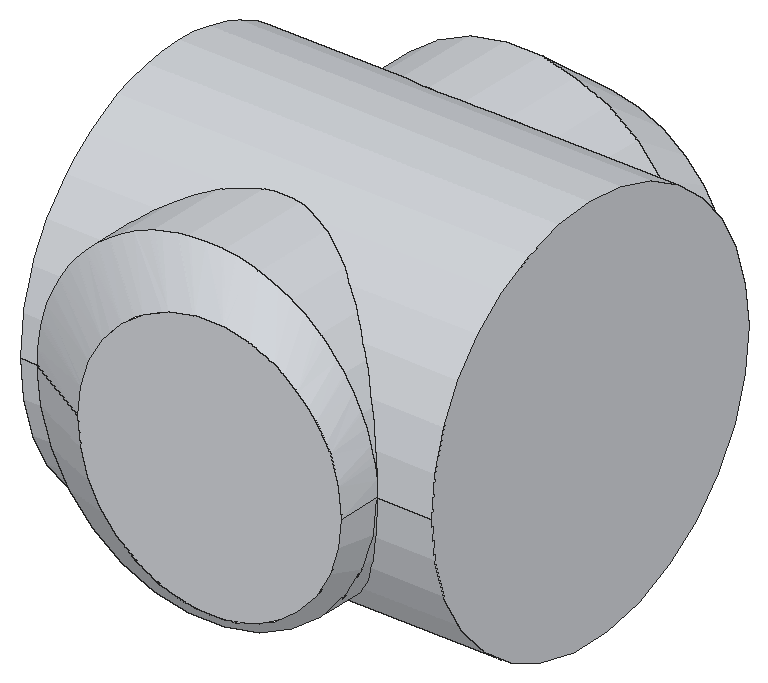
Revit family "M_Round Cross - Beveled", category Duct Fittings, Revit 2014
Parameters (values of type "Standard")
  Shoulder Length [instance] = 25 mm
  Base Radius 4 [instance] = Duct Radius 4 * (1 + 0.5 / tan(Bevel Angle 4))  # 257.735 mm
  Base Radius 3 [instance] = Duct Radius 3 * (1 + 0.5 / tan(Bevel Angle 4))  # 257.735 mm
  Offest 4 [instance] = (Base Diameter 4 - Duct Diameter 4) / 2  # 57.735 mm
  Offest 3 [instance] = (Base Diameter 3 - Duct Diameter 3) / 2  # 57.735 mm
  Length 4 [instance] = (Base Diameter 4 - Duct Diameter 4) / tan(Bevel Angle 4)  # 66.667 mm
  Length 3 [instance] = (Base Diameter 3 - Duct Diameter 3) / tan(Bevel Angle 3)  # 66.667 mm
  Duct Radius 4 [instance] = 200 mm
  Duct Radius 3 [instance] = 200 mm
  Duct Radius 2 [instance] = Duct Radius 1  # 300 mm
  Duct Radius 1 [instance] = 300 mm
  Duct Length 2 [instance] = if(Base Diameter 4 > Base Diameter 3, Base Diameter 4 / 2 + Shoulder Length, Base Diameter 3 / 2 + Shoulder Length)  # 282.735 mm
  Duct Length 1 [instance] = if(Base Diameter 4 > Base Diameter 3, Base Diameter 4 + Shoulder Length - Duct Radius 4, Base Diameter 3 + Shoulder Length - Duct Radius 3)  # 340.47 mm
  Duct Diameter 4 [instance] = 2 * Duct Radius 4  # 400 mm
  Duct Diameter 3 [instance] = 2 * Duct Radius 3  # 400 mm
  Duct Diameter 2 [instance] = 2 * Duct Radius 2  # 600 mm
  Duct Diameter 1 [instance] = 2 * Duct Radius 1  # 600 mm
  Base Diameter 4 [instance] = Base Radius 4 * 2  # 515.47 mm
  Base Diameter 3 [instance] = Base Radius 3 * 2  # 515.47 mm
  Duct Length 4 [instance] = Length 4  # 66.667 mm
  Duct Length 3 [instance] = Length 3  # 66.667 mm
  Bevel Angle 4 [instance] = 60.00°
  Bevel Angle 3 [instance] = 60.00°
Reference planes
  plane 1 "Center (Front/Back)": y = 0
  plane 2: z = 0
  plane 3 "Center (Left/Right)": x = 0
  plane 4: x = -340.47
  plane 5: x = 282.735
  plane 6: y = 300
  plane 7: y = -300
  plane 8: x = -57.735
  plane 9: x = -57.735
  plane 10: y = 366.667
  plane 11: y = -366.667
Forms (mm)
  Sweep 1, solid, detail levels medium+fine
    path in 3D
      loop
        line (-340.47, 0, 0) -> (282.735, 0, 0)
    profile origin (-28.868, 0, 0) x (0, 1, 0) y (0, 0, 1)
      loop
        circle (0, 0) r 300
  Sweep 2, solid, detail levels medium+fine
    path in 3D
      loop
        line (-57.735, 300, 0) -> (-57.735, 0, 0)
    profile origin (-57.735, 150, 0) x (1, 0, 0) y (0, 0, 1)
      loop
        circle (0, 0) r 257.735
  Sweep 3, solid, detail levels medium+fine
    path in 3D
      loop
        line (-57.735, 0, 0) -> (-57.735, -300, 0)
    profile origin (-57.735, -150, 0) x (1, 0, 0) y (0, 0, 1)
      loop
        circle (0, 0) r 257.735
  Blend 4, solid, detail levels medium+fine
    base sketch origin (-2193.459, 300, 1219.2) x (-1, 0, 0) y (0, 0, 1)
      loop
        circle (-2135.724, -1219.2) r 257.735
    top sketch origin (-2193.459, 300, 1219.2) x (-1, 0, 0) y (0, 0, 1)
      loop
        circle (-2193.459, -1219.2) r 200
    from 0 to 66.667
  Blend 5, solid, detail levels medium+fine
    base sketch origin (-2261.306, -300, 1219.2) x (-1, 0, 0) y (0, 0, 1)
      loop
        circle (-2203.571, -1219.2) r 257.735
    top sketch origin (-2261.306, -300, 1219.2) x (-1, 0, 0) y (0, 0, 1)
      loop
        circle (-2261.306, -1219.2) r 200
    from 0 to -66.667
  Extrusion 6, solid, detail levels medium+fine
    sketch origin (-1777.226, 366.667, 1219.2) x (-1, 0, 0) y (0, 0, 1)
      loop
        circle (-1777.226, -1219.2) r 6.35
    from 0 to -66.667
  Extrusion 7, solid, detail levels medium+fine
    sketch origin (-1946.001, -366.667, 1219.2) x (-1, 0, 0) y (0, 0, 1)
      loop
        circle (-1946.001, -1219.2) r 6.35
    from 0 to 66.667
  Extrusion 8, solid, detail levels medium+fine
    sketch origin (-1777.226, 366.667, 1219.2) x (-1, 0, 0) y (0, 0, 1)
      loop
        circle (-1777.226, -1219.2) r 6.35
    from 0 to -66.667
Cuts and joins
  joined: Sweep 1, Sweep 2, Sweep 3, Blend 4, Blend 5, Extrusion 6, Extrusion 7, Extrusion 8
Lines and regions (mm)
  model lines, detail levels coarse
    curve 1: line (-340.47, 0, 0) -> (282.735, 0, 0)
    curve 7: line (0, 366.667, 0) -> (0, -366.667, 0)
  sketch lines
    curve 2: line (-340.47, 0, 0) -> (282.735, 0, 0)
    curve 5: line (-57.735, 300, 0) -> (-57.735, 0, 0)
    curve 6: line (-57.735, 0, 0) -> (-57.735, -300, 0)
  reference lines
    curve 3: line (-57.735, 300, 0) -> (-57.735, 0, 0)
    curve 4: line (-57.735, 0, 0) -> (-57.735, -300, 0)
Dimensions and locks
  "Duct Radius 1": plane 1 "Center (Front/Back)" to plane 6
  "Duct Radius 1": plane 7 to plane 1 "Center (Front/Back)"
  "Offest 3": plane 9 to plane 3 "Center (Left/Right)"
  "Offest 4": plane 8 to plane 3 "Center (Left/Right)"
  "Duct Length 1": plane 4 to plane 3 "Center (Left/Right)"
  "Duct Length 2": plane 3 "Center (Left/Right)" to plane 5
  "Duct Length 4": plane 10 to plane 6
  "Duct Length 3": plane 7 to plane 11
  "Duct Radius 1": radius of Sweep 1 sketch curve
  "Base Radius 4": radius of Sweep 2 sketch curve
  "Base Radius 3": radius of Sweep 3 sketch curve
  "Base Radius 4": radius of Blend 4 sketch curve
  "Duct Radius 4": radius of Blend 4 sketch curve
  "Base Radius 3": radius of Blend 5 sketch curve
  "Duct Radius 3": radius of Blend 5 sketch curve
  aligned and locked: plane 1 "Center (Front/Back)" to curve 1
  aligned and locked: plane 4 to curve 1
  aligned and locked: curve 3 to plane 8
  aligned and locked: curve 4 to plane 9
  aligned and locked: plane 6 to curve 3
  aligned and locked: plane 1 "Center (Front/Back)" to curve 3
  aligned and locked: plane 1 "Center (Front/Back)" to curve 4
  aligned and locked: plane 7 to curve 4
  aligned and locked: Blend 4 to plane 6
  aligned and locked: plane 10 to Blend 4
  aligned and locked: Blend 5 to plane 7
  aligned and locked: Blend 5 to plane 11
  aligned and locked: Extrusion 6 to plane 6
  aligned and locked: plane 7 to Extrusion 7
  aligned and locked: curve 7 to plane 3 "Center (Left/Right)"
  aligned and locked: plane 10 to curve 7
  aligned and locked: plane 11 to curve 7
  aligned and locked: plane 10 to Extrusion 6
  aligned and locked: Extrusion 8 to plane 6
  aligned and locked: plane 10 to Extrusion 8
  aligned and locked: Extrusion 7 to plane 11
Automatic sketch dimensions
  Sweep 1 sketch curve to profile plane = 0 mm  (x2)
  Sweep 2 sketch curve to profile plane = 0 mm  (x2)
  Sweep 3 sketch curve to profile plane = 0 mm  (x2)
  Blend 4 sketch curve to level = 0 mm  (x2)
  Blend 4 sketch curve to plane 8 = 0 mm
  Blend 4 sketch curve to plane 3 "Center (Left/Right)" = 0 mm
  Blend 5 sketch curve to level = 0 mm  (x2)
  Blend 5 sketch curve to plane 9 = 0 mm
  Blend 5 sketch curve to plane 3 "Center (Left/Right)" = 0 mm
  Extrusion 7 sketch curve to level = 0 mm
  Extrusion 7 sketch curve to plane 3 "Center (Left/Right)" = 0 mm
  Extrusion 6 sketch curve to level = 0 mm
  Extrusion 6 sketch curve to plane 3 "Center (Left/Right)" = 0 mm
  Extrusion 8 sketch curve to level = 0 mm
  Extrusion 8 sketch curve to plane 3 "Center (Left/Right)" = 0 mm
  curve 1 to plane 5 = 0 mm
  radius of Extrusion 7 sketch curve = 6.35 mm
  radius of Extrusion 6 sketch curve = 6.35 mm
  radius of Extrusion 8 sketch curve = 6.35 mm
Connectors
  hvac at (-340.47, 0, 0), driven by "Duct Radius 1"
    settings: on cut or joined group of Sweep 1, Sweep 2, Sweep 3, Blend 4, Blend 5, Extrusion 6, Extrusion 7, Extrusion 8, index 1, duct flow 0.0 L/s, flow factor 0, pres drop 0.0 Pa, loss coef 0, conn angle 0.00°, conn width 304.8 mm, conn height 304.8 mm, conn diameter 600 mm, duct sys type 28, conn prof type 0, flow config 0, flow direction 0, loss method 0, conn ref index 2, conn util no, is conn primary yes, conn desc ""
  hvac at (282.735, 0, 0), driven by "Duct Radius 1"
    settings: on cut or joined group of Sweep 1, Sweep 2, Sweep 3, Blend 4, Blend 5, Extrusion 6, Extrusion 7, Extrusion 8, index 2, duct flow 0.0 L/s, flow factor 0, pres drop 0.0 Pa, loss coef 0, conn angle 0.00°, conn width 304.8 mm, conn height 304.8 mm, conn diameter 600 mm, duct sys type 28, conn prof type 0, flow config 0, flow direction 0, loss method 0, conn ref index 1, conn util no, is conn primary no, conn desc ""
  hvac at (0, -366.667, 0), driven by "Duct Radius 3"
    settings: on cut or joined group of Sweep 1, Sweep 2, Sweep 3, Blend 4, Blend 5, Extrusion 6, Extrusion 7, Extrusion 8, index 3, duct flow 0.0 L/s, flow factor 0, pres drop 0.0 Pa, loss coef 0, conn angle 0.00°, conn width 304.8 mm, conn height 304.8 mm, conn diameter 400 mm, duct sys type 28, conn prof type 0, flow config 0, flow direction 0, loss method 0, conn ref index 4, conn util no, is conn primary no, conn desc ""
  hvac at (0, 366.667, 0), driven by "Duct Radius 4"
    settings: on cut or joined group of Sweep 1, Sweep 2, Sweep 3, Blend 4, Blend 5, Extrusion 6, Extrusion 7, Extrusion 8, index 4, duct flow 0.0 L/s, flow factor 0, pres drop 0.0 Pa, loss coef 0, conn angle 0.00°, conn width 304.8 mm, conn height 304.8 mm, conn diameter 400 mm, duct sys type 28, conn prof type 0, flow config 0, flow direction 0, loss method 0, conn ref index 3, conn util no, is conn primary no, conn desc ""
